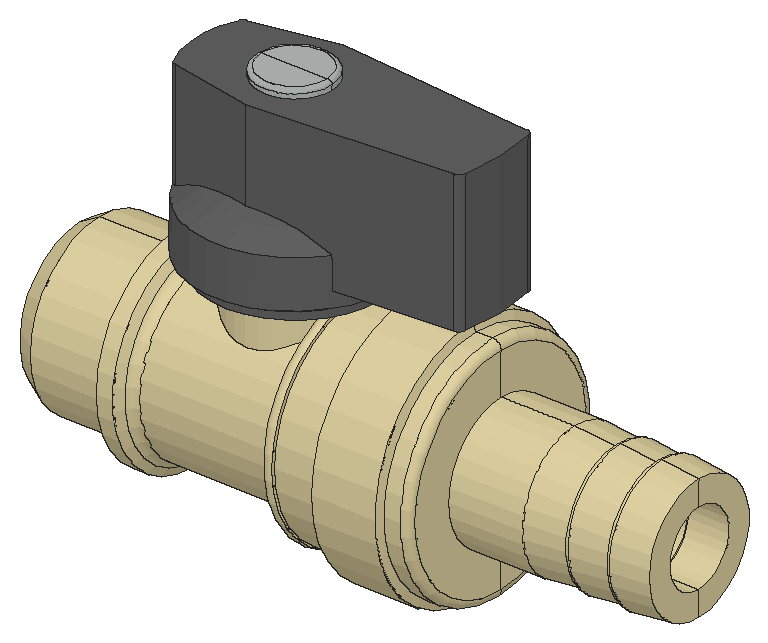
Revit family "QL23931015", category Apparecchi idraulici, Revit 2020
Family settings
  Quota connettore circolare = Usa diametro
  Tipo di parte = Normale
  Numero OmniClass = 23.45.00.00
  Titolo OmniClass = Sanitary, Laundry, and Cleaning Equipment
  Basato su piano di lavoro = No
  Sempre verticale = Sì
  Taglio con vuoti quando caricato = No
  Condiviso = No
  Punto di calcolo locali = No
Parameters
  URL = "https://web.cimberio.it/index.php/figura/952?subcategoria_id="
  Temperatura di esercizio = "-20 ÷ 90°C"
  Prospetto di default = 0 mm
  Produttore = "CIMBERIO SPA"
  Pressione nominale = "PN 16"
  Modello = "Cim 193/2"
  Materiale = "Prodotto in lega di ottone conforme alla norma EN 12165-CW617N-DW"
  Descrizione = "Realizzato in ottemperanza ai requisiti gestionali della norma EN ISO 9001.\r\nCollaudato al 100% secondo la normativa EN 12266-1.\r\nUtilizzato per impianti idraulici domestici e commerciali, impianti di riscaldamento come scarico caldaia"
  DN [instance] = 9 mm
  Type Comments = ""
Reference planes
  plane 1 "Centro (Fronte/Retro)": y = 0
  plane 2: z = 0
  plane 3 "Centro (Sinistra/Destra)": x = 0
Forms (mm)
  Revolve 1, solid, material "Cim_Lega di ottone gialla filetto"
    sketch origin (0, 0, 0) x (1, 0, 0) y (0, 0, 1)
      loop
        line (-26, 4.5) -> (-14, 4.5) -> (-14, 10.45) -> (-23.59, 10.45) -> (-26, 9.007) -> (-26, 4.5)
      axis (-26, 0) -> (-14, 0)
    angle from 0 to 360
  Revolve 2, solid, material "Cim_Lega di ottone gialla"
    sketch origin (0, 0, 0) x (1, 0, 0) y (0, 0, 1)
      loop
        line (-14, -4.5) -> (-14, -12.5) -> (-12, -12.5) -> (-11.423, -11.5)
        arc (-11.423, -11.5) -> (-10.874, -10.951) -> (-10.124, -10.75) r 1.5
        line (-10.124, -10.75) -> (5.412, -10.75) -> (6.711, -13)
        arc (6.711, -13) -> (7.277, -13.454) -> (8, -13.406) r 1
        line (8, -13.406) -> (8, -4.5) -> (-14, -4.5)
      axis (-14, 0) -> (8, 0)
    angle from 0 to 360
  Revolve 3, solid, material "Cim_Lega di ottone gialla filetto"
    sketch origin (0, 0, 0) x (1, 0, 0) y (0, 0, 1)
      loop
        line (8, 13.125) -> (8, 4.5) -> (13.5, 4.5) -> (13.5, 13.125) -> (8, 13.125)
      axis (8, 0) -> (13.5, 0)
    angle from 0 to 360
  Revolve 4, solid, material "Cim_Lega di ottone gialla"
    sketch origin (0, 0, 0) x (1, 0, 0) y (0, 0, 1)
      loop
        arc (25, 13) -> (24.707, 13.707) -> (24, 14) r 1
        line (24, 14) -> (22, 14) -> (21.733, 14.997) -> (14.075, 14.997) -> (13.5, 13.943) -> (13.5, 4.5) -> (25, 4.5) -> (25, 13)
      axis (13.5, 0) -> (25, 0)
    angle from 0 to 360
  Revolve 5, solid, material "Cim_Lega di ottone gialla"
    sketch origin (0, 0, 0) x (1, 0, 0) y (0, 0, 1)
      loop
        line (34, 8) -> (25, 8) -> (25, 4.5) -> (39, 4.5) -> (39, 7.5) -> (34, 8)
      axis (39, 0) -> (25, 0)
    angle from 0 to 360
  Revolve 6, solid, material "Cim_Lega di ottone gialla"
    sketch origin (0, 0, 0) x (1, 0, 0) y (0, 0, 1)
      loop
        line (44, 7.5) -> (39.518, 7.969)
        arc (39.518, 7.969) -> (39.155, 7.851) -> (39, 7.502) r 0.469
        line (39, 7.502) -> (39, 4.5) -> (44, 4.5) -> (44, 7.5)
      axis (39, 0) -> (44, 0)
    angle from 0 to 360
  Revolve 7, solid, material "Cim_Lega di ottone gialla"
    sketch origin (5, 0, 0) x (1, 0, 0) y (0, 0, 1)
      loop
        line (44, 7.5) -> (39.518, 7.969)
        arc (39.518, 7.969) -> (39.155, 7.851) -> (39, 7.502) r 0.469
        line (39, 7.502) -> (39, 4.5) -> (44, 4.5) -> (44, 7.5)
      axis (39, 0) -> (44, 0)
    angle from 0 to 360
  Revolve 8, solid, material "Cim_Lega di ottone gialla"
    sketch origin (0, 0, 0) x (1, 0, 0) y (0, 0, 1)
      loop
        line (0, 18.3) -> (0, 7.255) -> (7.335, 7.255) -> (7.335, 16.85) -> (6.5, 16.85) -> (6.5, 18.3) -> (0, 18.3)
      axis (0, 18.3) -> (0, 7.255)
    angle from 0 to 360
  Revolve 9, solid, material "Cim_Gomma"
    sketch origin (0, 0, 0) x (1, 0, 0) y (0, 0, 1)
      loop
        line (0, 13.3) -> (0, 24.232)
        arc (0, 24.232) -> (-6.19, 23.617) -> (-11.799, 20.928) r 17.959
        line (-11.799, 20.928) -> (-11.9, 15.166) -> (-10.305, 14.245) -> (-10.305, 13.3) -> (0, 13.3)
      axis (0, 24.232) -> (0, 13.3)
    angle from 0 to 360
  Extrusion 10, solid, material "Cim_Gomma"
    sketch origin (0, 0, 0) x (1, 0, 0) y (0, 1, 0)
      loop
        arc (-10.06, 5.415) -> (-10.443, 5.242) -> (-10.723, 4.923) r 0.886
        arc (-10.723, 4.923) -> (-11.799, -0.045) -> (-10.672, -5) r 11.799
        arc (-10.672, -5) -> (-10.403, -5.334) -> (-10.012, -5.508) r 0.907
        arc (-10.012, -5.508) -> (-5.001, -6.428) -> (0.006, -7.374) r 970.03
        line (0.006, -7.374) -> (23.658, -5.5)
        arc (23.658, -5.5) -> (24.243, -5.247) -> (24.556, -4.691) r 1
        arc (24.556, -4.691) -> (25, 0) -> (24.556, 4.691) r 25
        arc (24.556, 4.691) -> (24.239, 5.25) -> (23.647, 5.501) r 1
        line (23.647, 5.501) -> (0.006, 7.374)
        arc (0.006, 7.374) -> (-5.024, 6.381) -> (-10.06, 5.415) r 970.804
    from 17.1 to 34.1
  Revolve 11, solid, material "Cim_Lega di ottone"
    sketch origin (0, 0, 0) x (1, 0, 0) y (0, 0, 1)
      loop
        line (4, 35.1) -> (0, 35.1) -> (0, 33.382) -> (4.5, 33.382) -> (4.5, 34.6)
        arc (4.5, 34.6) -> (4.354, 34.954) -> (4, 35.1) r 0.5
      axis (0, 35.1) -> (0, 33.382)
    angle from 0 to 360
Dimensions and locks
  aligned and locked: level to plane 2
Connectors
  piping at (49, 0, 0), diameter 9, driven by "DN"
    settings: on Revolve 7, index 1, connector inside diameter 609.6 mm, connector length 0 mm, flow factor 0, pipe flow 0.0 L/s, pressure drop 0.0 Pa, fitting loss kfactor 0, connector angle 0.00°, fixture units 0, engagement length 0 mm, angle of deflection 0.00°, flow configuration 0, flow direction 0, fitting loss method 0, system type 7, joint type 0, gender type 0, connector reference index -1, connector utility 0, adjustable connector no, is connector primary yes, connector description ""
  piping at (-26, 0, 0), diameter 9, driven by "DN"
    settings: on Revolve 1, index 2, connector inside diameter 609.6 mm, connector length 0 mm, flow factor 0, pipe flow 0.0 L/s, pressure drop 0.0 Pa, fitting loss kfactor 0, connector angle 0.00°, fixture units 0, engagement length 0 mm, angle of deflection 0.00°, flow configuration 0, flow direction 0, fitting loss method 0, system type 7, joint type 0, gender type 0, connector reference index -1, connector utility 0, adjustable connector no, is connector primary no, connector description ""
